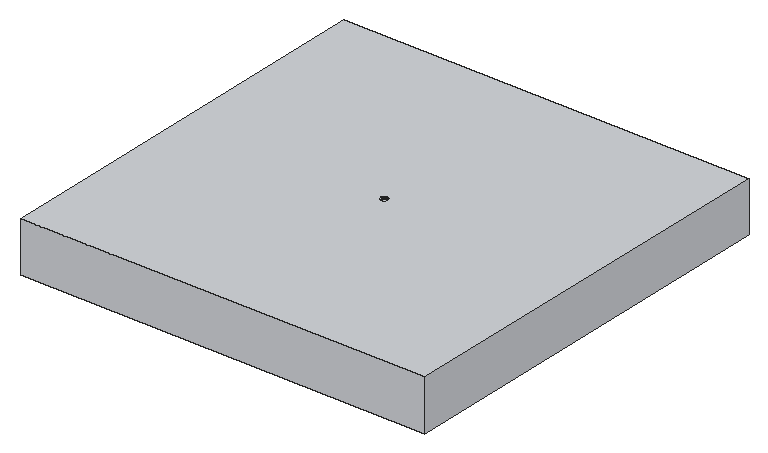
Revit family "Legrand_Hotel_UX_TOUCH_Detecteur_de_Mouvement", category Equipement électrique, Revit 2020
Family settings
  Hôte = Face
  Configuration du panneau = Deux colonnes, circuits au sein
  Cote de connecteur circulaire = Utiliser le diamètre
  Type d'élément = Tableau de raccordement
  Couper avec des vides une fois chargée = Non
  Partagée = Non
  Point de calcul de pièce = Non
Parameters
  Zone de détection [instance] = no
  URL = "http://www.legrandoc.com/048778"
  Type de tension = "CC"
  Type de montage = "encastré"
  Type de capteur = "infrarouge passif"
  Tension nominale (V) = 12
  Température MIN-MAX (°C) = "-5-45"
  Sensibilité de réponse ajustable = no
  Régulation de la lumière constante = no
  Puissance de coupure  max. = "0,3"
  Numéro RAL (équivalent) = 9003
  Modèle = "048778"
  Matériau = LEGRAND - Plastique blanc
  Luminosité de déclenchement ajustable = no
  Largeur hors tout = 38 mm
  built-in parameter 1140140 [instance] = 1 (stored number, unit not read)
  Hauteur hors tout = 38 mm
  Hauteur de montage optimale = 2.5 mm
  Fonction de variation avec insert variateur = no
  Fonction d'alarme = no
  Fabricant = "Legrand"
  Exécution - Modèle = "détecteur de mouvement"
  Etiquette [instance] = no
  Entrée de poste auxiliaire = no
  Elévation par défaut = 2500 mm
  Description = "Détecteur de Mouvement"
  Couleur = "blanc"
  built-in parameter 1140142 [instance] = -1
  Condition Générale d'Utilisation = "https://export.legrand.com/CGU-objets-BIM"
  Commande CVC = no
  Commandable à distance = no
  Classe de protection (IP) = "IP42"
  Champ de détection de diamètre au sol = 5 mm
  built-in parameter 1155100 [instance] = -1
  Arrêt forcé = no
  Adapté pour une transmission sans fil = no
Reference planes
  plane 1 "Centre (avant/arrière)": y = 0
  plane 2: z = 0
  plane 3 "Centre (gauche/droite)": x = 0
Forms (mm)
  Extrusion 1, solid
    sketch origin (0, 0, 0) x (1, 0, 0) y (0, 1, 0)
      loop
        line (-1219.2, 1219.2) -> (-1219.2, -1219.2) -> (1219.2, -1219.2) -> (1219.2, 1219.2) -> (-1219.2, 1219.2)
    from 0 to -304.8
Dimensions and locks
  aligned and locked: plane 2 to Extrusion 1
  aligned and locked: level to Extrusion 1
Nested families
  nested 1: "Détecteur de mouvement" at (0, 0, 0), type "Détecteur de mouvement"
  nested 2: "Zone de détection" at (0, 0, 0), visible <- "Zone de détection", type "Zone de détection"
  nested 3: "Etiquette de zone" at (0, 2449.552, 0), visible <- "Etiquette", type "Etiquette de zone Présence"
Connectors
  electrical at (-0.015, 0.015, 0)
    settings: on nested 1, index 1, voltage 0 V, apparent load 0 VA, apparent load phase1 0 VA, apparent load phase2 0 VA, apparent load phase3 0 VA, power factor 1, load classification "Autre", number of poles 1, system type 30, power factor state 1, is connector primary yes, connector utility no, sub classification motor no, connector description ""
Definition of nested family "Détecteur de mouvement"
  Parameters (values of type "Détecteur de mouvement")
    Matériau = none
    built-in parameter 1140140 [instance] = 1 (stored number, unit not read)
    Default Elevation = 0 mm
    built-in parameter 1140142 [instance] = -1
    built-in parameter 1155100 [instance] = -1
  Reference planes
    plane 1 "Centre (avant/arrière)": y = 0
    plane 2: z = 0
    plane 3 "Centre (gauche/droite)": x = 0
    plane 4: z = 0
    plane 5: y = 12
    plane 6: y = -12
    plane 7: y = 7.7
    plane 8: y = -8.471
    plane 9: z = -23.5
    plane 10: z = -47
    plane 11: z = 3.3
    plane 12: z = -24.1
  Forms (mm)
    Extrusion 1, void
      sketch origin (0, 0, 0) x (1, 0, 0) y (0, 0, 1)
        loop
          line (8.471, 0) -> (8.471, -47) -> (15, -47) -> (15, 0) -> (8.471, 0)
      from -8.5 to 8.471
    Revolve 2, solid, material <- "Matériau"
      sketch origin (1.358, 0.055, -73.338) x (0, 0, 1) y (-1, 0, 0)
        loop
          arc (73.338, -17.645) -> (74.045, -17.352) -> (74.338, -16.645) r 1
          line (74.338, -16.645) -> (74.338, 1.358) -> (73.338, 1.358) -> (73.338, -17.645)
        axis (73.338, 1.358) -> (74.338, 1.358)
      angle from 0 to 360
    Revolve 3, solid
      sketch origin (1.358, 0.055, -81.438) x (0, 0, 1) y (-1, 0, 0)
        loop
          line (82.438, 1.358) -> (82.438, -3.492) -> (83.238, -3.492)
          arc (83.238, -3.492) -> (84.354, -1.181) -> (84.738, 1.358) r 8.591
          line (84.738, 1.358) -> (82.438, 1.358)
        axis (82.438, 1.358) -> (84.738, 1.358)
      angle from 0 to 360
    Extrusion 4, solid, material <- "Matériau"
      sketch origin (0, 0, 0) x (1, 0, 0) y (0, 1, 0)
        loop
          circle (0, 0) r 12
      from 0 to -47
    Extrusion 5, void
      sketch origin (0, 0, 0) x (-1, 0, 0) y (0, 0, -1)
        loop
          line (8.5, 47) -> (8.5, 0) -> (15, 0) -> (15, 47) -> (8.5, 47)
      from -8.5 to 8.471
    Extrusion 6, void
      sketch origin (0, 0, 0) x (1, 0, 0) y (0, 1, 0)
        loop
          line (-4.85, 7.7) -> (8.471, 7.7) -> (8.471, 15.336) -> (-4.85, 15.336) -> (-4.85, 7.7)
      from -24.1 to -47
  Cuts and joins
    Extrusion 1, Extrusion 5, Extrusion 6 cuts Extrusion 4
    Extrusion 5, Extrusion 6 cuts Revolve 2
  Dimensions and locks
    plane 10 to plane 4 to plane 11 = 47 mm, 3.3 mm
    plane 10 to plane 11 = 50.3 mm
    aligned and locked: level to plane 2
Definition of nested family "Zone de détection"
  Reference planes
    plane 1 "Centre (avant/arrière)": y = 0
    plane 2: z = 0
    plane 3 "Centre (gauche/droite)": x = 0
  Lines and regions (mm)
    detail lines, in view "Niveau de réf."
      curve 1: circle (0, 0, 0) r 2500 normal (0, 0, 1)
Definition of nested family "Etiquette de zone"
  Parameters (values of type "Etiquette de zone Présence")
    Etiquette de zone = "Détection 360° - Ø11m à 2.5m de hauteur"
  Types (2, lengths in mm): name | Etiquette de zone
    Etiquette de zone Présence | "Détection 360° - Ø11m à 2.5m de hauteur"
    Etiquette de zone Mouvement | "Détection 360° - Ø8m à 2.5m de hauteur"
  Reference planes
    plane 1: y = 0
    plane 2: x = 0
  Text (mm)
    label "Etiquette de zone" at (0.638, -4.46, 0), shows "Etiquette de zone"
